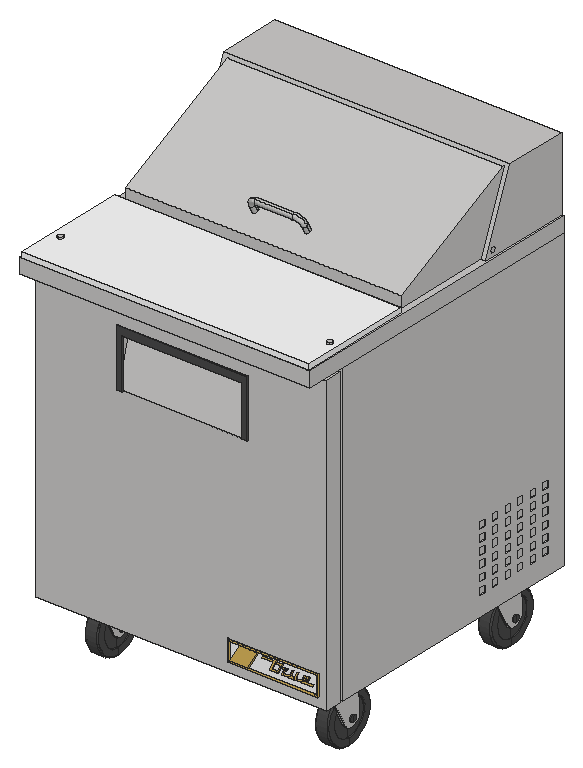
Revit family "QF_TRUE_TSSU-27-08-HC_cat", category Specialty Equipment, Revit 2014
Parameters
  Weight in Pounds = 225
  Watts = FL Amps * Volts  # 402.5 W
  Volts = 115 V
  URL Cutsheet = "www.truemfg.com"
  URL = "www.truemfg.com"
  Type Mark [instance] = ""
  Status [instance] = ""
  Specification by User [instance] = ""
  Specification by Manufacturer = ""
  Show Seismic Flanged [instance] = no
  Show Logo [instance] = yes
  Show Legs [instance] = no
  Show Clearance [instance] = yes
  Show Default Casters [instance] = and(not(Show Legs), not(Show Seismic Flanged), not(Show ADA Compliant Model))  # yes
  Show ADA Compliant Model [instance] = no
  Serial Number = ""
  Seismic Rating = ""
  Seismic Plate [instance] = and(Show Seismic Flanged, not(Show Default Casters))  # no
  SMACNA No = ""
  Revision Code [instance] = ""
  Phase = 1
  Omniclass Number and Title = ""
  Number of Poles [instance] = 1
  NAFEM Spec ID Number = ""
  Model = "TSSU-27-08-HC"
  Min Ckt Ampacity = 0 A
  Max Overcurrent Protection = 0 A
  MasterSpec. = ""
  Manufacturer = "TRUE FOOD SERVICE EQUIPMENT, INC."
  Legs [instance] = or(Show Legs, Show Seismic Flanged)  # no
  Item Number [instance] = ""
  Installed By [instance] = ""
  Identify Quantity as Lot [instance] = yes
  HP = "1/5"
  Furnished By [instance] = ""
  Foodservice Equipment Identifier [instance] = yes
  FL Amps = 3.5 A
  Electrical Remarks = ""
  Electric Connection Type [instance] = ""
  Elec Conn RI Height [instance] = 0"
  Elec Conn Connection Height [instance] = 0"
  Description = "FOOD PREP TABLE: SOLID DOOR SANDWICH/SALAD UNIT WITH HYDROCARBON REFRIGERANT"
  Cycle = 60 Hz
  Conn Plug = "NEMA 5-15P"
  Conn Conduit = yes
  CSI MasterFormat = ""
  CSI Master Format = ""
  Body Finish = QF_Metal-Stainless-Polished
  Base Height [instance] = if(Legs, 6", if(ADA Compliant Model, 3 3/4", 6 3/16"))  # 6 3/16"
  Apparent Power = if(Phase = 3, Volts * FL Amps * 1.73, Volts * FL Amps)  # 402.5 VA
  ADA Compliant Model [instance] = and(Show ADA Compliant Model, not(Show Default Casters), not(Legs))  # no
Reference planes (in)
  plane 1 "BACK": y = -16.5
  plane 2: z = 0
  plane 3 "LEFT": x = 0
  plane 4 "RIGHT": x = 27.5625
  plane 5 "FRONT": y = -47.5625
  plane 6 "TOP": z = 46.46875
  plane 7: z = 6.1875
Forms (in)
  Revolve 1, solid, material "QF_Metal-Stainless-Polished", visible <- "Legs"
    sketch origin (0.84375, -20.82507, 0) x (1, 0, 0) y (0, 0, -1)
      loop
        line (2, -6.1875) -> (2, -0.1875) -> (1.5, -0.1875) -> (1.5, -1.1875) -> (1.25, -1.1875) -> (0.53856, -6.1875) -> (2, -6.1875)
      axis (2, -0.1875) -> (2, -6.1875)
    angle from 0 to 360
  Extrusion 2, solid, material "QF_Metal-Stainless-Polished", visible <- "Seismic Plate"
    sketch origin (-0.22541, -19.13091, 0) x (1, 0, 0) y (0, 1, 0)
      loop
        circle (3.06916, -1.69416) r 1.5
    from 0 to 0.25
  Revolve 3, solid, material "QF_Metal-Stainless-Polished", visible <- "Legs"
    sketch origin (0.84375, -40.15813, 0) x (1, 0, 0) y (0, 0, -1)
      loop
        line (2, -6.1875) -> (2, -0.1875) -> (1.5, -0.1875) -> (1.5, -1.1875) -> (1.25, -1.1875) -> (0.53856, -6.1875) -> (2, -6.1875)
      axis (2, -0.1875) -> (2, -6.1875)
    angle from 0 to 360
  Extrusion 4, solid, material "QF_Metal-Stainless-Polished", visible <- "Seismic Plate"
    sketch origin (-0.22541, -42.50254, 0) x (1, 0, 0) y (0, 1, 0)
      loop
        circle (3.06916, 2.30585) r 1.5
    from 0 to 0.25
  Revolve 5, solid, material "QF_Metal-Stainless-Polished", visible <- "Legs"
    sketch origin (22.71875, -20.82507, 0) x (1, 0, 0) y (0, 0, -1)
      loop
        line (2, -6.1875) -> (2, -0.1875) -> (1.5, -0.1875) -> (1.5, -1.1875) -> (1.25, -1.1875) -> (0.53856, -6.1875) -> (2, -6.1875)
      axis (2, -0.1875) -> (2, -6.1875)
    angle from 0 to 360
  Extrusion 6, solid, material "QF_Metal-Stainless-Polished", visible <- "Seismic Plate"
    sketch origin (21.64959, -19.13091, 0) x (1, 0, 0) y (0, 1, 0)
      loop
        circle (3.06916, -1.69416) r 1.5
    from 0 to 0.25
  Revolve 7, solid, material "QF_Metal-Stainless-Polished", visible <- "Legs"
    sketch origin (22.71875, -40.15813, 0) x (1, 0, 0) y (0, 0, -1)
      loop
        line (2, -6.1875) -> (2, -0.1875) -> (1.5, -0.1875) -> (1.5, -1.1875) -> (1.25, -1.1875) -> (0.53856, -6.1875) -> (2, -6.1875)
      axis (2, -0.1875) -> (2, -6.1875)
    angle from 0 to 360
  Extrusion 8, solid, material "QF_Metal-Stainless-Polished", visible <- "Seismic Plate"
    sketch origin (21.64959, -42.50254, 0) x (1, 0, 0) y (0, 1, 0)
      loop
        circle (3.06916, 2.30585) r 1.5
    from 0 to 0.25
Lines and regions (in)
  symbolic lines, style "SpecialityEquipmentHiddenLines", visible <- "Show Default Casters"
    curve 1: line (1.05276, -22.68104, 0) -> (2.13882, -23.30808, 0)
    curve 2: line (3.55276, -18.35092, 0) -> (1.05276, -22.68104, 0)
    curve 3: line (4.63882, -18.97795, 0) -> (3.55276, -18.35092, 0)
    curve 4: line (2.13882, -23.30808, 0) -> (4.63882, -18.97795, 0)
    curve 5: line (22.92776, -22.68104, 0) -> (24.01382, -23.30808, 0)
    curve 6: line (25.42776, -18.35092, 0) -> (22.92776, -22.68104, 0)
    curve 7: line (26.51382, -18.97795, 0) -> (25.42776, -18.35092, 0)
    curve 8: line (24.01382, -23.30808, 0) -> (26.51382, -18.97795, 0)
    curve 9: line (1.05276, -42.04409, 0) -> (2.13882, -42.67113, 0)
    curve 10: line (3.55276, -37.71397, 0) -> (1.05276, -42.04409, 0)
    curve 11: line (4.63882, -38.34101, 0) -> (3.55276, -37.71397, 0)
    curve 12: line (2.13882, -42.67113, 0) -> (4.63882, -38.34101, 0)
    curve 13: line (22.92776, -42.04409, 0) -> (24.01382, -42.67113, 0)
    curve 14: line (25.42776, -37.71397, 0) -> (22.92776, -42.04409, 0)
    curve 15: line (26.51382, -38.34101, 0) -> (25.42776, -37.71397, 0)
    curve 16: line (24.01382, -42.67113, 0) -> (26.51382, -38.34101, 0)
Dimensions and locks (in)
  plane 3 "LEFT" to plane 4 "RIGHT" = 27 9/16"
  plane 4 "RIGHT" to plane 3 "LEFT" = 27 9/16"
  plane 5 "FRONT" to plane 1 "BACK" = 31 1/16"  (x2)
  "Base Height": plane 7 to level
  Revolve 3 sketch curve to Revolve 3 sketch curve to Revolve 3 sketch curve = 5" locked, 1" locked
  Revolve 1 sketch curve to Revolve 1 sketch curve to Revolve 1 sketch curve = 5" locked, 1" locked
  Revolve 7 sketch curve to Revolve 7 sketch curve to Revolve 7 sketch curve = 5" locked, 1" locked
  Revolve 5 sketch curve to Revolve 5 sketch curve to Revolve 5 sketch curve = 5" locked, 1" locked
  nested 1 to level = 42 15/16"
  nested 1 to level = 36 7/16"  (x2)
  aligned and locked: level to plane 2
  aligned and locked: Revolve 3 sketch curve to plane 7
  aligned and locked: Revolve 1 sketch curve to plane 7
  aligned and locked: plane 7 to Revolve 7
  aligned and locked: plane 7 to Revolve 5
  aligned and locked: plane 5 "FRONT" to nested 1
  aligned and locked: plane 3 "LEFT" to nested 1  (x2)
  aligned and locked: plane 7 to nested 1
  aligned and locked: nested 1 to plane 7
  aligned and locked: nested 1 to plane 5 "FRONT"
Automatic sketch dimensions
  plane 3 "LEFT" to curve 1 = 1.05276"
  plane 3 "LEFT" to curve 10 = 1.05276"
  curve 1 to curve 1 = 1.08606"
  curve 9 to curve 9 = 1.08606"
  plane 3 "LEFT" to curve 3 = 3.55276"
  plane 3 "LEFT" to curve 10 = 3.55276"
  curve 13 to plane 4 "RIGHT" = 4.63474"
  curve 5 to plane 4 "RIGHT" = 4.63474"
  curve 13 to curve 13 = 1.08606"
  curve 5 to curve 8 = 1.08606"
  curve 7 to plane 4 "RIGHT" = 2.13474"
  curve 14 to plane 4 "RIGHT" = 2.13474"
  curve 16 to plane 5 "FRONT" = 4.89137"
  curve 12 to plane 5 "FRONT" = 4.89137"
  curve 13 to curve 13 = 0.62704"
  curve 9 to curve 10 = 0.62704"
  plane 1 "BACK" to curve 4 = 6.80808"
  plane 1 "BACK" to curve 8 = 6.80808"
  curve 5 to curve 6 = 0.62704"
  curve 1 to curve 1 = 0.62704"
  plane 3 "LEFT" to Revolve 1 sketch curve = 1.38231"
  plane 3 "LEFT" to Revolve 1 sketch curve = 2 3/32"
  Revolve 1 sketch curve to Revolve 1 sketch curve = 1/4"
  Revolve 1 sketch curve to Revolve 1 sketch curve = 1/2"
  Revolve 1 sketch curve to Revolve 1 sketch curve = 0"
  plane 7 to Revolve 1 sketch curve = 23/32"
  Revolve 1 sketch curve to Revolve 1 sketch curve = 1 1/2"
  plane 3 "LEFT" to Extrusion 2 sketch curve = 2 27/32"
  plane 1 "BACK" to Extrusion 2 sketch curve = 4.32507"
  plane 3 "LEFT" to Revolve 3 sketch curve = 1.38231"
  plane 3 "LEFT" to Revolve 3 sketch curve = 2 3/32"
  Revolve 3 sketch curve to Revolve 3 sketch curve = 1/4"
  Revolve 3 sketch curve to Revolve 3 sketch curve = 1/2"
  Revolve 3 sketch curve to Revolve 3 sketch curve = 0"
  plane 7 to Revolve 3 sketch curve = 23/32"
  Revolve 3 sketch curve to Revolve 3 sketch curve = 1 1/2"
  plane 3 "LEFT" to Extrusion 4 sketch curve = 2 27/32"
  Extrusion 4 sketch curve to plane 5 "FRONT" = 7.36581"
  Revolve 5 sketch curve to plane 7 = 0"
  Revolve 5 sketch curve to plane 4 "RIGHT" = 4.30519"
  Revolve 5 sketch curve to plane 4 "RIGHT" = 3 19/32"
  Revolve 5 sketch curve to Revolve 5 sketch curve = 1/4"
  Revolve 5 sketch curve to Revolve 5 sketch curve = 1/2"
  Revolve 5 sketch curve to Revolve 5 sketch curve = 0"
  plane 7 to Revolve 5 sketch curve = 23/32"
  Revolve 5 sketch curve to Revolve 5 sketch curve = 1 1/2"
  Extrusion 6 sketch curve to plane 4 "RIGHT" = 2 27/32"
  plane 1 "BACK" to Extrusion 6 sketch curve = 4.32507"
  Revolve 7 sketch curve to plane 7 = 0"
  Revolve 7 sketch curve to plane 4 "RIGHT" = 4.30519"
  Revolve 7 sketch curve to plane 4 "RIGHT" = 3 19/32"
  Revolve 7 sketch curve to Revolve 7 sketch curve = 1/4"
  Revolve 7 sketch curve to Revolve 7 sketch curve = 1/2"
  Revolve 7 sketch curve to Revolve 7 sketch curve = 0"
  plane 7 to Revolve 7 sketch curve = 23/32"
  Revolve 7 sketch curve to Revolve 7 sketch curve = 1 1/2"
  Extrusion 8 sketch curve to plane 4 "RIGHT" = 2 27/32"
  Extrusion 8 sketch curve to plane 5 "FRONT" = 7.36581"
  radius of Extrusion 2 sketch curve = 1 1/2"
  radius of Extrusion 4 sketch curve = 1 1/2"
  radius of Extrusion 6 sketch curve = 1 1/2"
  radius of Extrusion 8 sketch curve = 1 1/2"
Nested families (in)
  nested 1: "TRUE_TSSU-27-08-HC" at (0, 0, 0), Show Logo <- "Show Logo", Show Clearance <- "Show Clearance", Show Casters <- "Show Default Casters", Body Finish <- "Body Finish", type "TRUE_TSSU-27-08-HC"
    with Show Logo yes, Show Clearance yes, Show Casters yes, Body Finish QF_Metal-Stainless-Polished
  nested 2: "TRUE_CASTER ADA" at (2.87307, -20.85092, 0), Show 3" Casters <- "ADA Compliant Model", type "TRUE_CASTER ADA"
    with Type Mark "", Status "", Specification by User "", Show 3" Casters no, Revision Code "", Item Number "", Installed By "", Identify Quantity as Lot yes, Furnished By "", Foodservice Equipment Identifier yes
  nested 3: "TRUE_CASTER ADA" at (24.74807, -20.85092, 0), Show 3" Casters <- "ADA Compliant Model", type "TRUE_CASTER ADA"
    with Type Mark "", Status "", Specification by User "", Show 3" Casters no, Revision Code "", Item Number "", Installed By "", Identify Quantity as Lot yes, Furnished By "", Foodservice Equipment Identifier yes
  nested 4: "TRUE_CASTER ADA" at (2.87307, -40.18398, 0), Show 3" Casters <- "ADA Compliant Model", type "TRUE_CASTER ADA"
    with Type Mark "", Status "", Specification by User "", Show 3" Casters no, Revision Code "", Item Number "", Installed By "", Identify Quantity as Lot yes, Furnished By "", Foodservice Equipment Identifier yes
  nested 5: "TRUE_CASTER ADA" at (24.74807, -40.18398, 0), Show 3" Casters <- "ADA Compliant Model", type "TRUE_CASTER ADA"
    with Type Mark "", Status "", Specification by User "", Show 3" Casters no, Revision Code "", Item Number "", Installed By "", Identify Quantity as Lot yes, Furnished By "", Foodservice Equipment Identifier yes
Connectors (in)
  electrical at (24.12821, -17.5, 12), driven by "Volts", driven by "Apparent Power"
    settings: on nested 1, index 1, voltage 115 V, apparent load 402.5 VA, apparent load phase1 0 VA, apparent load phase2 0 VA, apparent load phase3 0 VA, power factor 1, load classification "Other", number of poles 1, system type 30, power factor state 1, is connector primary yes, connector utility no, sub classification motor no, connector description "ELECTRICAL CONNECTION"
Definition of nested family "TRUE_TSSU-27-08-HC"
  Parameters (values of type "TRUE_TSSU-27-08-HC")
    URL = ""
    Show Logo [instance] = yes
    Show Clearance [instance] = yes
    Show Casters [instance] = yes
    Model = ""
    Manufacturer = ""
    Description = ""
    Body Finish [instance] = QF_Metal-Stainless-Polished Brushed
    Assembly Code = ""
  Reference planes (in)
    plane 1 "BACK": y = -16.5
    plane 2: z = 0
    plane 3 "LEFT": x = 0
    plane 4 "RIGHT": x = 27.5625
    plane 5 "FRONT": y = -47.5625
    plane 6 "TOP": z = 42.9375
    plane 7: z = 6.1875
    plane 8: z = 35.9375
  Forms (in)
    Extrusion 1, solid, material "QF_Metal-Stainless-Polished Brushed" <- "Body Finish"
      sketch origin (0.125, -1, 0) x (0, 1, 0) y (0, 0, 1)
        loop
          line (-16.5, 35.9375) -> (-16.5, 42.9375) -> (-22.625, 42.9375) -> (-25.47721, 35.9375) -> (-16.5, 35.9375)
      from 0.0625 to 27.25
    Extrusion 2, solid, material "QF_Metal-Stainless-Polished Brushed" <- "Body Finish"
      sketch origin (0, 0.75, 0.19246) x (0, 1, 0) y (0, 0, 1)
        loop
          line (-27.22721, 35.74504) -> (-24.49688, 42.44592) -> (-36.5625, 36.73418) -> (-36.5625, 35.74504) -> (-27.22721, 35.74504)
      from 0.6875 to 26.875
    Extrusion 3, solid, material "QF_Metal-Stainless-Polished Brushed" <- "Body Finish"
      sketch origin (0, -1, 0) x (0, 1, 0) y (0, 0, 1)
        loop
          line (-46.5625, 35.9375) -> (-46.5625, 34.5) -> (-16.5, 34.5) -> (-16.5, 35.9375) -> (-46.5625, 35.9375)
      from 0 to 27.5625
    Extrusion 4, solid, material "QF_Metal-Stainless-Polished Brushed" <- "Body Finish"
      sketch origin (0, -1, 0) x (0, 1, 0) y (0, 0, 1)
        loop
          line (-42.75, 34.5) -> (-42.75, 6.1875) -> (-16.5, 6.1875) -> (-16.5, 34.5) -> (-42.75, 34.5)
      from 0 to 27.4375
    Extrusion 5, solid, material "QF_Metal-Stainless-Polished Brushed" <- "Body Finish"
      sketch origin (0, -12.63, 0) x (1, 0, 0) y (0, 0, 1)
        loop
          line (27.5625, 6.1875) -> (27.5625, 34.28323) -> (0, 34.28323) -> (0, 6.1875) -> (27.5625, 6.1875)
        loop
          line (7.75, 26.5625) -> (20.125, 26.5625) -> (20.125, 32.0625) -> (7.75, 32.0625) -> (7.75, 26.5625)
      from 31.44201 to 33
    Extrusion 6, solid
      sketch origin (0, 3.62, 0) x (0, 1, 0) y (0, 0, 1)
        loop
          line (-47.69201, 33.8406) -> (-47.69201, 6.82675) -> (-47.37, 6.82675) -> (-47.37, 33.8406) -> (-47.69201, 33.8406)
      from 0.5 to 27.0625
    Extrusion 7, solid, material "QF_Metal-Stainless-Polished Brushed" <- "Body Finish"
      sketch origin (0, 3.87, 0) x (0, 1, 0) y (0, 0, 1)
        loop
          line (-47.94201, 32.0625) -> (-49.5, 26.5625) -> (-47.94201, 26.5625) -> (-47.94201, 32.0625)
      from 7.75 to 20.125
    Extrusion 8, solid, material "QF_Plastic-Black-Smooth"
      sketch origin (0, -45.63, 0) x (1, 0, 0) y (0, 0, 1)
        loop
          line (20.125, 32.0625) -> (7.75, 32.0625) -> (7.75, 26.5625) -> (8.25, 26.5625) -> (8.25, 31.3125) -> (19.625, 31.3125) -> (19.625, 26.5625) -> (20.125, 26.5625) -> (20.125, 32.0625)
      from 0 to 0.125
    Extrusion 9, solid, material "QF_Plastic-White-Smooth"
      sketch origin (0, 3.53125, -0.0625) x (0, 1, 0) y (0, 0, 1)
        loop
          line (-51.09375, 36.5) -> (-51.09375, 36) -> (-40.09375, 36) -> (-40.09375, 36.5) -> (-51.09375, 36.5)
      from 0.1875 to 27.375
    Sweep 10, solid, material "QF_Metal-Stainless-Polished Brushed" <- "Body Finish"
      path origin (-2.36051, -16.90311, 5.99517) x (1, 0, 0) y (0, -0.468684, 0.883366)
        loop
          line (18.42574, 36.0969) -> (18.42574, 36.8469)
          arc (18.42574, 36.8469) -> (18.29892, 37.15309) -> (17.99273, 37.27992) r 0.43301
          line (17.99273, 37.27992) -> (14.37051, 37.27992)
          arc (14.37051, 37.27992) -> (14.06433, 37.15309) -> (13.9375, 36.8469) r 0.43301
          line (13.9375, 36.8469) -> (13.9375, 36.0969)
      profile origin (11.57699, -33.99691, 38.21321) x (1, 0, 0) y (0, -0.883366, -0.468684)
        loop
          circle (-0.25, 0) r 0.25
    Extrusion 11, solid, material "QF_Metallic Paint-Goldenrod-Satin", visible <- "Show Logo"
      sketch origin (17.33478, -10.86203, -22.37075) x (1, 0, 0) y (0, 0, 1)
        loop
          line (4.18351, 31.09206) -> (4.10478, 30.92323) -> (5.15208, 30.92323)
          arc (5.15208, 30.92323) -> (5.17333, 30.88564) -> (5.15208, 30.84805) r 0.04386
          line (5.15208, 30.84805) -> (4.87892, 30.26228)
          arc (4.87892, 30.26228) -> (4.87656, 30.20802) -> (4.91325, 30.16798) r 0.07096
          line (4.91325, 30.16798) -> (5.5829, 30.16798)
          arc (5.5829, 30.16798) -> (5.66746, 30.19464) -> (5.72144, 30.26498) r 0.14742
          line (5.72144, 30.26498) -> (5.9364, 30.72597) -> (6.1339, 30.72597)
          arc (6.1339, 30.72597) -> (6.18572, 30.70692) -> (6.17822, 30.65222) r 0.04405
          line (6.17822, 30.65222) -> (5.99835, 30.26649)
          arc (5.99835, 30.26649) -> (6.00115, 30.20243) -> (6.05523, 30.16798) r 0.06943
          line (6.05523, 30.16798) -> (6.64365, 30.16798)
          arc (6.64365, 30.16798) -> (6.68873, 30.18439) -> (6.71272, 30.22594) r 0.07014
          arc (6.71272, 30.22594) -> (6.7297, 30.18495) -> (6.77068, 30.16798) r 0.05796
          line (6.77068, 30.16798) -> (7.14325, 30.16798)
          arc (7.14325, 30.16798) -> (7.18629, 30.17951) -> (7.2178, 30.21102) r 0.08608
          arc (7.2178, 30.21102) -> (7.23289, 30.1746) -> (7.26931, 30.15952) r 0.0515
          line (7.26931, 30.15952) -> (7.79882, 30.15952)
          arc (7.79882, 30.15952) -> (7.84211, 30.17745) -> (7.86005, 30.22074) r 0.06122
          arc (7.86005, 30.22074) -> (7.89973, 30.18105) -> (7.95394, 30.16653) r 0.10842
          line (7.95394, 30.16653) -> (8.94586, 30.16653) -> (9.05604, 30.35737) -> (8.05555, 30.35737)
          arc (8.05555, 30.35737) -> (8.02794, 30.37652) -> (8.02691, 30.41011) r 0.03732
          line (8.02691, 30.41011) -> (8.04422, 30.44722)
          arc (8.04422, 30.44722) -> (8.07079, 30.48203) -> (8.11255, 30.49524) r 0.07263
          line (8.11255, 30.49524) -> (8.43414, 30.49524)
          arc (8.43414, 30.49524) -> (8.50355, 30.51383) -> (8.55436, 30.56465) r 0.13882
          line (8.55436, 30.56465) -> (8.6475, 30.72597)
          arc (8.6475, 30.72597) -> (8.6475, 30.81208) -> (8.57293, 30.85513) r 0.08611
          line (8.57293, 30.85513) -> (8.23352, 30.85513)
          arc (8.23352, 30.85513) -> (8.14699, 30.84044) -> (8.08663, 30.77673) r 0.13863
          line (8.08663, 30.77673) -> (7.92534, 30.43083)
          arc (7.92534, 30.43083) -> (7.87774, 30.3688) -> (7.80316, 30.34528) r 0.13002
          line (7.80316, 30.34528) -> (7.45109, 30.34528)
          arc (7.45109, 30.34528) -> (7.40895, 30.39128) -> (7.41167, 30.4536) r 0.08151
          line (7.41167, 30.4536) -> (7.59891, 30.85513) -> (7.47974, 30.85513) -> (7.28137, 30.42972)
          arc (7.28137, 30.42972) -> (7.24283, 30.37949) -> (7.18244, 30.36046) r 0.10527
          line (7.18244, 30.36046) -> (6.93967, 30.36046)
          arc (6.93967, 30.36046) -> (6.89865, 30.41392) -> (6.90744, 30.48073) r 0.08805
          line (6.90744, 30.48073) -> (7.08203, 30.85513) -> (6.95897, 30.85513) -> (6.75801, 30.42418)
          arc (6.75801, 30.42418) -> (6.71136, 30.37753) -> (6.64764, 30.36046) r 0.12745
          line (6.64764, 30.36046) -> (6.29609, 30.36046)
          arc (6.29609, 30.36046) -> (6.23295, 30.3899) -> (6.22688, 30.4593) r 0.06967
          line (6.22688, 30.4593) -> (6.34243, 30.70711) -> (6.50577, 30.70711)
          arc (6.50577, 30.70711) -> (6.53334, 30.79018) -> (6.592, 30.85513) r 0.21289
          line (6.592, 30.85513) -> (5.95369, 30.85513)
          arc (5.95369, 30.85513) -> (5.88276, 30.83941) -> (5.83367, 30.78584) r 0.12081
          line (5.83367, 30.78584) -> (5.66065, 30.4148)
          arc (5.66065, 30.4148) -> (5.62087, 30.37502) -> (5.56653, 30.36046) r 0.10869
          line (5.56653, 30.36046) -> (5.18545, 30.36046)
          arc (5.18545, 30.36046) -> (5.15571, 30.40065) -> (5.16137, 30.45033) r 0.06822
          line (5.16137, 30.45033) -> (5.41281, 30.92323) -> (6.04721, 30.92323) -> (6.12594, 31.09206) -> (5.49154, 31.09206) -> (5.57027, 31.2609) -> (5.34459, 31.2609) -> (5.26586, 31.09206) -> (4.18351, 31.09206)
        loop
          arc (8.19062, 30.70184) -> (8.16316, 30.69448) -> (8.14305, 30.67438) r 0.05494
          line (8.14305, 30.67438) -> (8.12672, 30.62415)
          arc (8.12672, 30.62415) -> (8.13429, 30.60587) -> (8.15258, 30.59829) r 0.02586
          line (8.15258, 30.59829) -> (8.43014, 30.59829)
          arc (8.43014, 30.59829) -> (8.45013, 30.60273) -> (8.46638, 30.6152) r 0.04731
          line (8.46638, 30.6152) -> (8.47988, 30.6777)
          arc (8.47988, 30.6777) -> (8.47591, 30.69443) -> (8.46039, 30.70184) r 0.01994
          line (8.46039, 30.70184) -> (8.19062, 30.70184)
        loop
          line (1.13539, 29.6475) -> (2.84485, 29.6475) -> (3.77016, 31.25018) -> (2.0607, 31.25018) -> (1.13539, 29.6475)
      from 34.76797 to 34.83173
    Extrusion 12, solid, material "QF_Plastic-White-Smooth", visible <- "Show Logo"
      sketch origin (-47.16732, -10.88, -25.21535) x (1, 0, 0) y (0, 0, 1)
        loop
          line (73.84232, 34.15728) -> (65.51732, 34.15728) -> (65.51732, 32.4296) -> (73.84232, 32.4296) -> (73.84232, 34.15728)
      from 34.75 to 34.76797
    Extrusion 13, solid, material "QF_Metallic Paint-Goldenrod-Satin", visible <- "Show Logo"
      sketch origin (-47.16732, -10.88, -25.21535) x (1, 0, 0) y (0, 0, 1)
        loop
          line (73.97982, 34.29477) -> (65.37982, 34.29477) -> (65.37982, 32.2921) -> (73.97982, 32.2921) -> (73.97982, 34.29477)
        loop
          line (65.51732, 34.15728) -> (65.51732, 32.4296) -> (73.84232, 32.4296) -> (73.84232, 34.15728) -> (65.51732, 34.15728)
      from 34.75 to 34.80335
    Extrusion 14, solid, material "QF_Metal-Stainless-Polished Brushed"
      sketch origin (0, 3.53125, 36.4375) x (1, 0, 0) y (0, 1, 0)
        loop
          circle (1, -47.5255) r 0.25
        loop
          circle (26.5625, -47.5255) r 0.25
      from 0 to 0.0625
    Extrusion 15, solid, material "QF_Metal-Stainless-Polished Brushed" <- "Body Finish"
      sketch origin (7.91923, -1, 0.52317) x (0, 1, 0) y (0, 0, 1)
        loop
          line (-42.75, 33.97683) -> (-42.75, 5.66433) -> (-16.5, 5.66433) -> (-16.5, 33.97683) -> (-42.75, 33.97683)
        loop
          line (-19.03986, 13.81876) -> (-19.03986, 13.06876) -> (-18.28986, 13.06876) -> (-18.28986, 13.81876) -> (-19.03986, 13.81876)
        loop
          line (-20.53986, 13.81876) -> (-20.53986, 13.06876) -> (-19.78986, 13.06876) -> (-19.78986, 13.81876) -> (-20.53986, 13.81876)
        loop
          line (-22.03986, 13.81876) -> (-22.03986, 13.06876) -> (-21.28986, 13.06876) -> (-21.28986, 13.81876) -> (-22.03986, 13.81876)
        loop
          line (-23.53986, 13.81876) -> (-23.53986, 13.06876) -> (-22.78986, 13.06876) -> (-22.78986, 13.81876) -> (-23.53986, 13.81876)
        loop
          line (-25.03986, 13.81876) -> (-25.03986, 13.06876) -> (-24.28986, 13.06876) -> (-24.28986, 13.81876) -> (-25.03986, 13.81876)
        loop
          line (-26.53986, 13.81876) -> (-26.53986, 13.06876) -> (-25.78986, 13.06876) -> (-25.78986, 13.81876) -> (-26.53986, 13.81876)
        loop
          line (-19.03986, 12.69376) -> (-19.03986, 11.94376) -> (-18.28986, 11.94376) -> (-18.28986, 12.69376) -> (-19.03986, 12.69376)
        loop
          line (-20.53986, 12.69376) -> (-20.53986, 11.94376) -> (-19.78986, 11.94376) -> (-19.78986, 12.69376) -> (-20.53986, 12.69376)
        loop
          line (-22.03986, 12.69376) -> (-22.03986, 11.94376) -> (-21.28986, 11.94376) -> (-21.28986, 12.69376) -> (-22.03986, 12.69376)
        loop
          line (-23.53986, 12.69376) -> (-23.53986, 11.94376) -> (-22.78986, 11.94376) -> (-22.78986, 12.69376) -> (-23.53986, 12.69376)
        loop
          line (-25.03986, 12.69376) -> (-25.03986, 11.94376) -> (-24.28986, 11.94376) -> (-24.28986, 12.69376) -> (-25.03986, 12.69376)
        loop
          line (-26.53986, 12.69376) -> (-26.53986, 11.94376) -> (-25.78986, 11.94376) -> (-25.78986, 12.69376) -> (-26.53986, 12.69376)
        loop
          line (-19.03986, 11.56876) -> (-19.03986, 10.81876) -> (-18.28986, 10.81876) -> (-18.28986, 11.56876) -> (-19.03986, 11.56876)
        loop
          line (-20.53986, 11.56876) -> (-20.53986, 10.81876) -> (-19.78986, 10.81876) -> (-19.78986, 11.56876) -> (-20.53986, 11.56876)
        loop
          line (-22.03986, 11.56876) -> (-22.03986, 10.81876) -> (-21.28986, 10.81876) -> (-21.28986, 11.56876) -> (-22.03986, 11.56876)
        loop
          line (-23.53986, 11.56876) -> (-23.53986, 10.81876) -> (-22.78986, 10.81876) -> (-22.78986, 11.56876) -> (-23.53986, 11.56876)
        loop
          line (-25.03986, 11.56876) -> (-25.03986, 10.81876) -> (-24.28986, 10.81876) -> (-24.28986, 11.56876) -> (-25.03986, 11.56876)
        loop
          line (-26.53986, 11.56876) -> (-26.53986, 10.81876) -> (-25.78986, 10.81876) -> (-25.78986, 11.56876) -> (-26.53986, 11.56876)
        loop
          line (-19.03986, 10.44376) -> (-19.03986, 9.69376) -> (-18.28986, 9.69376) -> (-18.28986, 10.44376) -> (-19.03986, 10.44376)
        loop
          line (-20.53986, 10.44376) -> (-20.53986, 9.69376) -> (-19.78986, 9.69376) -> (-19.78986, 10.44376) -> (-20.53986, 10.44376)
        loop
          line (-22.03986, 10.44376) -> (-22.03986, 9.69376) -> (-21.28986, 9.69376) -> (-21.28986, 10.44376) -> (-22.03986, 10.44376)
        loop
          line (-23.53986, 10.44376) -> (-23.53986, 9.69376) -> (-22.78986, 9.69376) -> (-22.78986, 10.44376) -> (-23.53986, 10.44376)
        loop
          line (-25.03986, 10.44376) -> (-25.03986, 9.69376) -> (-24.28986, 9.69376) -> (-24.28986, 10.44376) -> (-25.03986, 10.44376)
        loop
          line (-26.53986, 10.44376) -> (-26.53986, 9.69376) -> (-25.78986, 9.69376) -> (-25.78986, 10.44376) -> (-26.53986, 10.44376)
        loop
          line (-19.03986, 9.31876) -> (-19.03986, 8.56876) -> (-18.28986, 8.56876) -> (-18.28986, 9.31876) -> (-19.03986, 9.31876)
        loop
          line (-20.53986, 9.31876) -> (-20.53986, 8.56876) -> (-19.78986, 8.56876) -> (-19.78986, 9.31876) -> (-20.53986, 9.31876)
        loop
          line (-22.03986, 9.31876) -> (-22.03986, 8.56876) -> (-21.28986, 8.56876) -> (-21.28986, 9.31876) -> (-22.03986, 9.31876)
        loop
          line (-23.53986, 9.31876) -> (-23.53986, 8.56876) -> (-22.78986, 8.56876) -> (-22.78986, 9.31876) -> (-23.53986, 9.31876)
        loop
          line (-25.03986, 9.31876) -> (-25.03986, 8.56876) -> (-24.28986, 8.56876) -> (-24.28986, 9.31876) -> (-25.03986, 9.31876)
        loop
          line (-26.53986, 9.31876) -> (-26.53986, 8.56876) -> (-25.78986, 8.56876) -> (-25.78986, 9.31876) -> (-26.53986, 9.31876)
        loop
          line (-19.03986, 8.19376) -> (-19.03986, 7.44376) -> (-18.28986, 7.44376) -> (-18.28986, 8.19376) -> (-19.03986, 8.19376)
        loop
          line (-20.53986, 8.19376) -> (-20.53986, 7.44376) -> (-19.78986, 7.44376) -> (-19.78986, 8.19376) -> (-20.53986, 8.19376)
        loop
          line (-22.03986, 8.19376) -> (-22.03986, 7.44376) -> (-21.28986, 7.44376) -> (-21.28986, 8.19376) -> (-22.03986, 8.19376)
        loop
          line (-23.53986, 8.19376) -> (-23.53986, 7.44376) -> (-22.78986, 7.44376) -> (-22.78986, 8.19376) -> (-23.53986, 8.19376)
        loop
          line (-25.03986, 8.19376) -> (-25.03986, 7.44376) -> (-24.28986, 7.44376) -> (-24.28986, 8.19376) -> (-25.03986, 8.19376)
        loop
          line (-26.53986, 8.19376) -> (-26.53986, 7.44376) -> (-25.78986, 7.44376) -> (-25.78986, 8.19376) -> (-26.53986, 8.19376)
      from 19.51827 to 19.64327
    Extrusion 16, solid, material "QF_Metal-Stainless-Polished Brushed"
      sketch origin (0, -16.5, 0) x (1, 0, 0) y (0, 0, 1)
        loop
          line (7.5625, 6.1875) -> (7.5625, 3.875) -> (20.3125, 3.875) -> (20.3125, 6.1875) -> (7.5625, 6.1875)
      from 1.69409 to 21.69409
    Extrusion 17, solid, material "QF_Metal-Stainless-Polished Brushed"
      sketch origin (0.125, 0.03571, -0.38064) x (0, 1, 0) y (0, 0, 1)
        loop
          line (-25.50049, 37.00145) -> (-25.62469, 37.21657) -> (-25.87491, 37.21657) -> (-25.99919, 37.00131) -> (-25.87265, 36.78214) -> (-25.62711, 36.78214) -> (-25.50049, 37.00145)
      from 0 to 0.0625
    Extrusion 18, solid, material "QF_Metal-Stainless-Polished Brushed"
      sketch origin (27.4375, 0.03571, -0.38064) x (0, 1, 0) y (0, 0, -1)
        loop
          line (-25.50049, -37.00145) -> (-25.62711, -36.78214) -> (-25.87265, -36.78214) -> (-25.99919, -37.00131) -> (-25.87491, -37.21657) -> (-25.62469, -37.21657) -> (-25.50049, -37.00145)
      from 0 to 0.0625
    Extrusion 19, solid, material "QF_Plastic-Black-Smooth"
      sketch origin (-1.11296, -16.5, -9.83802) x (1, 0, 0) y (0, 0, 1)
        loop
          circle (22.96499, 40.7598) r 0.46875
      from 0 to 1
    Extrusion 20, solid, material "QF_Plastic-Black-Smooth"
      sketch origin (28.67546, -16.5, -9.83802) x (-1, 0, 0) y (0, 0, -1)
        loop
          circle (22.96499, -40.7598) r 0.46875
      from 0 to 1
    Extrusion 21, solid, material "QF_Metal-Stainless-Polished Brushed"
      sketch origin (-1.16554, -17.5, 0) x (1, 0, 0) y (0, 0, 1)
        loop
          circle (25.29375, 12) r 0.25
      from 0 to 0.0625
    Extrusion 22, solid, material "QF_Metal-Stainless-Polished Brushed", visible <- "Show Casters"
      sketch origin (0.84375, -38.80219, 1.18891) x (0, 1, 0) y (0, 0, 1)
        loop
          line (-3.9827, 4.36074) -> (-3.9827, 3.75589) -> (-3.6077, 3.75589) -> (-2.25253, 1.15484)
          arc (-2.25253, 1.15484) -> (-1.35455, 0.51289) -> (-0.45657, 1.15484) r 0.94903
          line (-0.45657, 1.15484) -> (-0.54355, 4.36074) -> (-3.9827, 4.36074)
      from 1.175 to 1.325
    Revolve 23, solid, material "QF_Plastic-White-Smooth", visible <- "Show Casters"
      sketch origin (0.84375, -41.06531, 0.68891) x (1, 0, 0) y (0, 0, 1)
        loop
          line (2, 4.86074) -> (2, 5.49859) -> (0.60918, 5.49859) -> (0.60918, 4.86074) -> (2, 4.86074)
        axis (2, 4.86074) -> (2, 5.49859)
      angle from 0 to 360
    Extrusion 24, solid, material "QF_Metal-Stainless-Polished Brushed", visible <- "Show Casters"
      sketch origin (-46.9375, -38.80219, 1.18891) x (0, 1, 0) y (0, 0, 1)
        loop
          line (-3.9827, 4.36074) -> (-3.9827, 3.75589) -> (-3.6077, 3.75589) -> (-0.53736, 4.13288) -> (-0.54355, 4.36074) -> (-3.9827, 4.36074)
      from 49.10625 to 50.45625
    Revolve 25, solid, material "QF_Plastic-Black-Smooth", visible <- "Show Casters"
      sketch origin (0.84375, -40.15399, 1) x (1, 0, 0) y (0, 0, 1)
        loop
          line (1.475, 4) -> (1.375, 3.9) -> (1.375, 3.29941) -> (1.53601, 3.29941) -> (1.53601, 2.04941) -> (1.375, 2.04941) -> (1.375, 1.79941) -> (0.975, 1.79941) -> (0.975, 1.5) -> (3.025, 1.5) -> (3.025, 1.79941) -> (2.62908, 1.79941) -> (2.62908, 2.04941) -> (2.46399, 2.04941) -> (2.46399, 3.29941) -> (2.62908, 3.29941) -> (2.62908, 3.89592) -> (2.525, 4) -> (1.475, 4)
        axis (3.025, 1.5) -> (0.975, 1.5)
      angle from 0 to 360
    Extrusion 26, solid, material "QF_Metal-Stainless-Polished Brushed", visible <- "Show Casters"
      sketch origin (4.84375, -38.80219, 1.18891) x (0, 1, 0) y (0, 0, -1)
        loop
          line (-3.9827, -3.75589) -> (-3.9827, -4.36074) -> (-0.54355, -4.36074) -> (-0.45657, -1.15484)
          arc (-0.45657, -1.15484) -> (-1.35455, -0.51289) -> (-2.25253, -1.15484) r 0.94903
          line (-2.25253, -1.15484) -> (-3.6077, -3.75589) -> (-3.9827, -3.75589)
      from 1.175 to 1.325
    Extrusion 27, solid, material "QF_Metal-Stainless-Polished Brushed", visible <- "Show Casters"
      sketch origin (0.84375, -19.47769, 1.18891) x (0, 1, 0) y (0, 0, 1)
        loop
          line (-3.9827, 4.36074) -> (-3.9827, 3.75589) -> (-3.6077, 3.75589) -> (-2.25253, 1.15484)
          arc (-2.25253, 1.15484) -> (-1.35455, 0.51289) -> (-0.45657, 1.15484) r 0.94903
          line (-0.45657, 1.15484) -> (-0.54355, 4.36074) -> (-3.9827, 4.36074)
      from 1.175 to 1.325
    Revolve 28, solid, material "QF_Plastic-White-Smooth", visible <- "Show Casters"
      sketch origin (0.84375, -21.74082, 0.68891) x (1, 0, 0) y (0, 0, 1)
        loop
          line (2, 4.86074) -> (2, 5.49859) -> (0.60918, 5.49859) -> (0.60918, 4.86074) -> (2, 4.86074)
        axis (2, 4.86074) -> (2, 5.49859)
      angle from 0 to 360
    Extrusion 29, solid, material "QF_Metal-Stainless-Polished Brushed", visible <- "Show Casters"
      sketch origin (-46.9375, -19.47769, 1.18891) x (0, 1, 0) y (0, 0, 1)
        loop
          line (-3.9827, 4.36074) -> (-3.9827, 3.75589) -> (-3.6077, 3.75589) -> (-0.53736, 4.13288) -> (-0.54355, 4.36074) -> (-3.9827, 4.36074)
      from 49.10625 to 50.45625
    Revolve 30, solid, material "QF_Plastic-Black-Smooth", visible <- "Show Casters"
      sketch origin (0.84375, -20.8295, 1) x (1, 0, 0) y (0, 0, 1)
        loop
          line (1.475, 4) -> (1.375, 3.9) -> (1.375, 3.29941) -> (1.53601, 3.29941) -> (1.53601, 2.04941) -> (1.375, 2.04941) -> (1.375, 1.79941) -> (0.975, 1.79941) -> (0.975, 1.5) -> (3.025, 1.5) -> (3.025, 1.79941) -> (2.62908, 1.79941) -> (2.62908, 2.04941) -> (2.46399, 2.04941) -> (2.46399, 3.29941) -> (2.62908, 3.29941) -> (2.62908, 3.89592) -> (2.525, 4) -> (1.475, 4)
        axis (3.025, 1.5) -> (0.975, 1.5)
      angle from 0 to 360
    Extrusion 31, solid, material "QF_Metal-Stainless-Polished Brushed", visible <- "Show Casters"
      sketch origin (4.84375, -19.47769, 1.18891) x (0, 1, 0) y (0, 0, -1)
        loop
          line (-3.9827, -3.75589) -> (-3.9827, -4.36074) -> (-0.54355, -4.36074) -> (-0.45657, -1.15484)
          arc (-0.45657, -1.15484) -> (-1.35455, -0.51289) -> (-2.25253, -1.15484) r 0.94903
          line (-2.25253, -1.15484) -> (-3.6077, -3.75589) -> (-3.9827, -3.75589)
      from 1.175 to 1.325
    Extrusion 32, solid, material "QF_Metal-Stainless-Polished Brushed", visible <- "Show Casters"
      sketch origin (26.71875, -38.80219, 1.18891) x (0, 1, 0) y (0, 0, -1)
        loop
          line (-3.9827, -4.36074) -> (-0.54355, -4.36074) -> (-0.45657, -1.15484)
          arc (-0.45657, -1.15484) -> (-1.35455, -0.51289) -> (-2.25253, -1.15484) r 0.94903
          line (-2.25253, -1.15484) -> (-3.6077, -3.75589) -> (-3.9827, -3.75589) -> (-3.9827, -4.36074)
      from 1.175 to 1.325
    Revolve 33, solid, material "QF_Plastic-White-Smooth", visible <- "Show Casters"
      sketch origin (26.71875, -41.06531, 0.68891) x (-1, 0, 0) y (0, 0, -1)
        loop
          line (2, -4.86074) -> (0.60918, -4.86074) -> (0.60918, -5.49859) -> (2, -5.49859) -> (2, -4.86074)
        axis (2, -4.86074) -> (2, -5.49859)
      angle from 0 to 360
    Extrusion 34, solid, material "QF_Metal-Stainless-Polished Brushed", visible <- "Show Casters"
      sketch origin (74.5, -38.80219, 1.18891) x (0, 1, 0) y (0, 0, -1)
        loop
          line (-3.9827, -4.36074) -> (-0.54355, -4.36074) -> (-0.53736, -4.13288) -> (-3.6077, -3.75589) -> (-3.9827, -3.75589) -> (-3.9827, -4.36074)
      from 49.10625 to 50.45625
    Revolve 35, solid, material "QF_Plastic-Black-Smooth", visible <- "Show Casters"
      sketch origin (26.71875, -40.15399, 1) x (-1, 0, 0) y (0, 0, -1)
        loop
          line (1.475, -4) -> (2.525, -4) -> (2.62908, -3.89592) -> (2.62908, -3.29941) -> (2.46399, -3.29941) -> (2.46399, -2.04941) -> (2.62908, -2.04941) -> (2.62908, -1.79941) -> (3.025, -1.79941) -> (3.025, -1.5) -> (0.975, -1.5) -> (0.975, -1.79941) -> (1.375, -1.79941) -> (1.375, -2.04941) -> (1.53601, -2.04941) -> (1.53601, -3.29941) -> (1.375, -3.29941) -> (1.375, -3.9) -> (1.475, -4)
        axis (3.025, -1.5) -> (0.975, -1.5)
      angle from 0 to 360
    Extrusion 36, solid, material "QF_Metal-Stainless-Polished Brushed", visible <- "Show Casters"
      sketch origin (22.71875, -38.80219, 1.18891) x (0, 1, 0) y (0, 0, 1)
        loop
          line (-3.9827, 3.75589) -> (-3.6077, 3.75589) -> (-2.25253, 1.15484)
          arc (-2.25253, 1.15484) -> (-1.35455, 0.51289) -> (-0.45657, 1.15484) r 0.94903
          line (-0.45657, 1.15484) -> (-0.54355, 4.36074) -> (-3.9827, 4.36074) -> (-3.9827, 3.75589)
      from 1.175 to 1.325
    Extrusion 37, solid, material "QF_Metal-Stainless-Polished Brushed", visible <- "Show Casters"
      sketch origin (26.71875, -19.47769, 1.18891) x (0, 1, 0) y (0, 0, -1)
        loop
          line (-3.9827, -4.36074) -> (-0.54355, -4.36074) -> (-0.45657, -1.15484)
          arc (-0.45657, -1.15484) -> (-1.35455, -0.51289) -> (-2.25253, -1.15484) r 0.94903
          line (-2.25253, -1.15484) -> (-3.6077, -3.75589) -> (-3.9827, -3.75589) -> (-3.9827, -4.36074)
      from 1.175 to 1.325
    Revolve 38, solid, material "QF_Plastic-White-Smooth", visible <- "Show Casters"
      sketch origin (26.71875, -21.74082, 0.68891) x (-1, 0, 0) y (0, 0, -1)
        loop
          line (2, -4.86074) -> (0.60918, -4.86074) -> (0.60918, -5.49859) -> (2, -5.49859) -> (2, -4.86074)
        axis (2, -4.86074) -> (2, -5.49859)
      angle from 0 to 360
    Extrusion 39, solid, material "QF_Metal-Stainless-Polished Brushed", visible <- "Show Casters"
      sketch origin (74.5, -19.47769, 1.18891) x (0, 1, 0) y (0, 0, -1)
        loop
          line (-3.9827, -4.36074) -> (-0.54355, -4.36074) -> (-0.53736, -4.13288) -> (-3.6077, -3.75589) -> (-3.9827, -3.75589) -> (-3.9827, -4.36074)
      from 49.10625 to 50.45625
    Revolve 40, solid, material "QF_Plastic-Black-Smooth", visible <- "Show Casters"
      sketch origin (26.71875, -20.8295, 1) x (-1, 0, 0) y (0, 0, -1)
        loop
          line (1.475, -4) -> (2.525, -4) -> (2.62908, -3.89592) -> (2.62908, -3.29941) -> (2.46399, -3.29941) -> (2.46399, -2.04941) -> (2.62908, -2.04941) -> (2.62908, -1.79941) -> (3.025, -1.79941) -> (3.025, -1.5) -> (0.975, -1.5) -> (0.975, -1.79941) -> (1.375, -1.79941) -> (1.375, -2.04941) -> (1.53601, -2.04941) -> (1.53601, -3.29941) -> (1.375, -3.29941) -> (1.375, -3.9) -> (1.475, -4)
        axis (3.025, -1.5) -> (0.975, -1.5)
      angle from 0 to 360
    Extrusion 41, solid, material "QF_Metal-Stainless-Polished Brushed", visible <- "Show Casters"
      sketch origin (22.71875, -19.47769, 1.18891) x (0, 1, 0) y (0, 0, 1)
        loop
          line (-3.9827, 3.75589) -> (-3.6077, 3.75589) -> (-2.25253, 1.15484)
          arc (-2.25253, 1.15484) -> (-1.35455, 0.51289) -> (-0.45657, 1.15484) r 0.94903
          line (-0.45657, 1.15484) -> (-0.54355, 4.36074) -> (-3.9827, 4.36074) -> (-3.9827, 3.75589)
      from 1.175 to 1.325
    Extrusion 42, solid, material "QF_Door-Drawer Clearances", visible <- "Show Clearance", detail levels coarse
      sketch origin (0, 1.9325, 0) x (1, 0, 0) y (0, 1, 0)
        loop
          line (27.5625, -47.5625) -> (0, -47.5625)
          arc (0, -47.5625) -> (8.07287, -67.05213) -> (27.5625, -75.125) r 27.5625
          line (27.5625, -75.125) -> (27.5625, -47.5625)
      from 6.1875 to 34.28323
  Cuts and joins
    joined: Extrusion 4, Extrusion 15
  Lines and regions (in)
    symbolic lines
      curve 1: line (0, -17.5, 0) -> (27.5625, -17.5, 0)
      curve 2: line (0, -47.5625, 0) -> (0, -17.5, 0)
      curve 3: line (27.5625, -47.5625, 0) -> (0, -47.5625, 0)
      curve 4: line (27.5625, -17.5, 0) -> (27.5625, -47.5625, 0)
      curve 5: line (27.375, -36.5625, 0) -> (0.1875, -36.5625, 0)
      curve 6: line (0.1875, -36.5625, 0) -> (0.1875, -47.5625, 0)
      curve 7: line (27.375, -47.5625, 0) -> (27.375, -36.5625, 0)
      curve 8: circle (26.5625, -43.99425, 0) r 0.25 normal (0, 0, 1)
      curve 9: circle (1, -43.99425, 0) r 0.25 normal (0, 0, 1)
      curve 10: line (0.6875, -23.74688, 0) -> (26.875, -23.74688, 0)
      curve 11: line (0.6875, -35.8125, 0) -> (0.6875, -23.74688, 0)
      curve 12: line (26.875, -35.8125, 0) -> (0.6875, -35.8125, 0)
      curve 13: line (26.875, -23.74688, 0) -> (26.875, -35.8125, 0)
      curve 14: line (0.1875, -23.625, 0) -> (27.375, -23.625, 0)
      curve 15: line (0.1875, -17.5, 0) -> (0.1875, -28.22721, 0)
      curve 16: line (27.375, -28.22721, 0) -> (26.875, -28.22721, 0)
      curve 17: line (0.125, -27.21478, 0) -> (0.125, -27.71347, 0)
      curve 18: line (0.125, -27.71347, 0) -> (0.1875, -27.71347, 0)
      curve 19: line (0.125, -27.21478, 0) -> (0.1875, -27.21478, 0)
      curve 20: line (0.6875, -28.22721, 0) -> (0.1875, -28.22721, 0)
      curve 21: line (27.375, -28.22721, 0) -> (27.375, -17.5, 0)
      curve 22: line (6.17922, -16.5, 0) -> (5.24172, -16.5, 0)
      curve 23: line (6.17922, -16.5, 0) -> (6.17922, -17.5, 0)
      curve 24: line (5.24172, -16.5, 0) -> (5.24172, -17.5, 0)
      curve 25: line (21.38328, -16.5, 0) -> (22.32078, -16.5, 0)
      curve 26: line (21.38328, -16.5, 0) -> (21.38328, -17.5, 0)
      curve 27: line (22.32078, -16.5, 0) -> (22.32078, -17.5, 0)
      curve 28: line (27.4375, -27.21478, 0) -> (27.4375, -27.71347, 0)
      curve 29: line (27.4375, -27.71347, 0) -> (27.375, -27.71347, 0)
      curve 30: line (27.4375, -27.21478, 0) -> (27.375, -27.21478, 0)
      curve 31: spline (11.07699, -33.92667, 0) -> (11.08551, -33.86951, 0) -> (11.11048, -33.81625, 0) -> (11.15021, -33.77051, 0) -> (11.20199, -33.73542, 0) -> (11.26229, -33.71336, 0) -> (11.32699, -33.70583, 0) -> (11.3917, -33.71336, 0) -> (11.45199, -33.73542, 0) -> (11.50377, -33.77051, 0) -> (11.5435, -33.81625, 0) -> (11.56847, -33.86951, 0) -> (11.57699, -33.92667, 0)
      curve 32: line (11.57699, -33.92667, 0) -> (11.57699, -34.24357, 0)
      curve 33: line (11.07699, -33.92667, 0) -> (11.07699, -34.28794, 0)
      curve 34: arc (11.07699, -34.28794, 0) -> (11.1664, -34.53287, 0) -> (11.36357, -34.70349, 0) r 0.51936
      curve 35: arc (11.36357, -34.70349, 0) -> (11.64015, -34.80507, 0) -> (11.93204, -34.84523, 0) r 1.37153
      curve 36: line (11.93204, -34.84523, 0) -> (15.71329, -34.84523, 0)
      curve 37: arc (11.57699, -34.24357, 0) -> (11.76649, -34.3248, 0) -> (11.97122, -34.3492, 0) r 0.72246
      curve 38: line (11.97122, -34.3492, 0) -> (15.6741, -34.3492, 0)
      curve 39: spline (16.56833, -33.92667, 0) -> (16.55981, -33.86951, 0) -> (16.53484, -33.81625, 0) -> (16.49511, -33.77051, 0) -> (16.44333, -33.73542, 0) -> (16.38304, -33.71336, 0) -> (16.31833, -33.70583, 0) -> (16.25363, -33.71336, 0) -> (16.19333, -33.73542, 0) -> (16.14155, -33.77051, 0) -> (16.10183, -33.81625, 0) -> (16.07685, -33.86951, 0) -> (16.06833, -33.92667, 0)
      curve 40: line (16.06833, -33.92667, 0) -> (16.06833, -34.24357, 0)
      curve 41: line (16.56833, -33.92667, 0) -> (16.56833, -34.28794, 0)
      curve 42: arc (16.56833, -34.28794, 0) -> (16.47892, -34.53287, 0) -> (16.28176, -34.70349, 0) r 0.51936
      curve 43: arc (16.28176, -34.70349, 0) -> (16.00518, -34.80507, 0) -> (15.71329, -34.84523, 0) r 1.37153
      curve 44: arc (16.06833, -34.24357, 0) -> (15.87883, -34.3248, 0) -> (15.6741, -34.3492, 0) r 0.72246
    symbolic lines, style "QF_Door-Drawer Clearances", detail levels coarse
      curve 45: arc (0.06783, -47.5625, 0) -> (1.20579, -53.69321, 0) -> (3.69267, -59.41125, 0) r 27.5625
      curve 46: line (3.69267, -59.41125, 0) -> (24.21531, -47.5625, 0)
  Dimensions and locks (in)
    plane 3 "LEFT" to plane 4 "RIGHT" = 27 9/16"
    plane 4 "RIGHT" to plane 3 "LEFT" = 27 9/16"
    plane 6 "TOP" to level = 42 15/16"
    plane 5 "FRONT" to plane 1 "BACK" = 31 1/16"  (x2)
    plane 7 to level = 6 3/16"
    plane 6 "TOP" to plane 7 = 36 3/4"
    Extrusion 9 to plane 7 = 29 3/4"
    plane 6 "TOP" to Extrusion 9 = 7"
    Extrusion 1 to plane 1 "BACK" = 1"
    plane 5 "FRONT" to Extrusion 1 = 30 1/16"
    Extrusion 2 to Extrusion 1 = 18 5/16"
    aligned and locked: level to plane 2
    aligned and locked: plane 4 "RIGHT" to Extrusion 3
    aligned: Extrusion 7 to Extrusion 5  (x2)
    aligned and locked: Extrusion 12 to Extrusion 13  (x4)
    aligned and locked: Extrusion 15 to Extrusion 4
    aligned: plane 4 "RIGHT" to Extrusion 15
    aligned and locked: Extrusion 16 to Extrusion 5
    aligned and locked: Extrusion 26 sketch curve to Extrusion 22  (x5)
    aligned and locked: Extrusion 24 sketch curve to Extrusion 22
    aligned and locked: Extrusion 31 sketch curve to Extrusion 27  (x5)
    aligned and locked: Extrusion 29 sketch curve to Extrusion 27
    aligned and locked: Extrusion 32 to Extrusion 36 sketch curve  (x2)
    aligned and locked: Extrusion 36 sketch curve to Extrusion 32  (x3)
    aligned and locked: Extrusion 34 sketch curve to Extrusion 32
    aligned and locked: Extrusion 37 to Extrusion 41 sketch curve  (x2)
    aligned and locked: Extrusion 41 sketch curve to Extrusion 37  (x3)
    aligned and locked: Extrusion 39 sketch curve to Extrusion 37
Definition of nested family "TRUE_CASTER ADA"
  Parameters (values of type "C3")
    Weight = ""
    URL Manufacturer = ""
    URL Cutsheet = ""
    URL = ""
    Type Mark [instance] = ""
    Status [instance] = ""
    Specification by User [instance] = ""
    Specification by Manufacturer = ""
    Show 3" Casters [instance] = yes
    Serial Number = ""
    Seismic Rating = ""
    SMACNA No = ""
    Revision Code [instance] = ""
    Omniclass Number and Title = ""
    NAFEM Spec ID Number = ""
    Model = ""
    MasterSpec. = ""
    Manufacturer = ""
    Item Number [instance] = ""
    Installed By [instance] = ""
    Identify Quantity as Lot [instance] = yes
    Furnished By [instance] = ""
    Foodservice Equipment Identifier [instance] = yes
    Description = ""
    CSI MasterFormat = ""
    CSI Master Format = ""
    Assembly Code = ""
  Reference planes (in)
    plane 1: z = 0
    plane 2 "RIGHT": x = 0
    plane 3 "FRONT": y = 0
    plane 4 "TOP": z = 3.75
    plane 5: z = 2.5
  Forms (in)
    Revolve 1, solid, material "QF_Metal-Stainless-Polished", visible <- "Show 3" Casters"
      sketch origin (-2, 0.6832, 0.25) x (1, 0, 0) y (0, 0, 1)
        loop
          line (1.475, 2.25) -> (1.375, 2.15) -> (1.375, 1.10871) -> (1.05969, 1.10871) -> (1.05969, 1) -> (2.94031, 1) -> (2.94031, 1.10871) -> (2.62908, 1.10871) -> (2.62908, 2.14592) -> (2.525, 2.25) -> (1.475, 2.25)
        axis (2.94031, 1) -> (1.05969, 1)
      angle from 0 to 360
    Revolve 2, solid, material "QF_Metal-Stainless-Polished", visible <- "Show 3" Casters"
      sketch origin (-2, 0, -1.92533) x (1, 0, 0) y (0, 0, 1)
        loop
          line (2, 5.24546) -> (2, 5.67533) -> (0.70293, 5.67533) -> (0.70293, 5.24546) -> (2, 5.24546)
        axis (2, 5.24546) -> (2, 5.67533)
      angle from 0 to 360
    Extrusion 3, solid, material "QF_Metal-Stainless-Polished", visible <- "Show 3" Casters"
      sketch origin (-49.78125, 28.5625, -1.42533) x (0, 1, 0) y (0, 0, 1)
        loop
          line (-29.95136, 4.74546) -> (-29.95136, 4.14061) -> (-27.20325, 4.14061) -> (-27.20325, 4.74546) -> (-29.95136, 4.74546)
      from 49.10625 to 50.45625
    Extrusion 4, solid, material "QF_Metal-Stainless-Polished", visible <- "Show 3" Casters"
      sketch origin (-2, 28.5625, -1.41561) x (0, 1, 0) y (0, 0, 1)
        loop
          arc (-28.25376, 2.32814) -> (-27.5946, 2.17678) -> (-27.20325, 2.72837) r 0.60806
          line (-27.20325, 2.72837) -> (-27.20325, 4.73574) -> (-29.95136, 4.73574) -> (-29.95136, 4.13089) -> (-28.25376, 2.32814)
      from 1.175 to 1.325
    Extrusion 5, solid, material "QF_Metal-Stainless-Polished", visible <- "Show 3" Casters"
      sketch origin (2, 28.5625, -1.41561) x (0, 1, 0) y (0, 0, -1)
        loop
          line (-29.95136, -4.73574) -> (-27.20325, -4.73574) -> (-27.20325, -2.72837)
          arc (-27.20325, -2.72837) -> (-27.5946, -2.17678) -> (-28.25376, -2.32814) r 0.60806
          line (-28.25376, -2.32814) -> (-29.95136, -4.13089) -> (-29.95136, -4.73574)
      from 1.175 to 1.325
  Lines and regions (in)
    symbolic lines, style "SpecialityEquipmentHiddenLines", visible <- "Show 3" Casters"
      curve 1: line (0.10651, 1.11757, 0) -> (0.80944, 0.71173, 0)
      curve 2: line (-0.89349, -0.61448, 0) -> (0.10651, 1.11757, 0)
      curve 3: line (-0.19056, -1.02032, 0) -> (-0.89349, -0.61448, 0)
      curve 4: line (0.80944, 0.71173, 0) -> (-0.19056, -1.02032, 0)
  Dimensions and locks (in)
    plane 4 "TOP" to level = 3 3/4"  (x2)
    plane 5 to level = 2 1/2"
    aligned and locked: level to plane 1
    aligned and locked: Extrusion 3 to Revolve 2
    aligned and locked: Revolve 2 to Revolve 2
